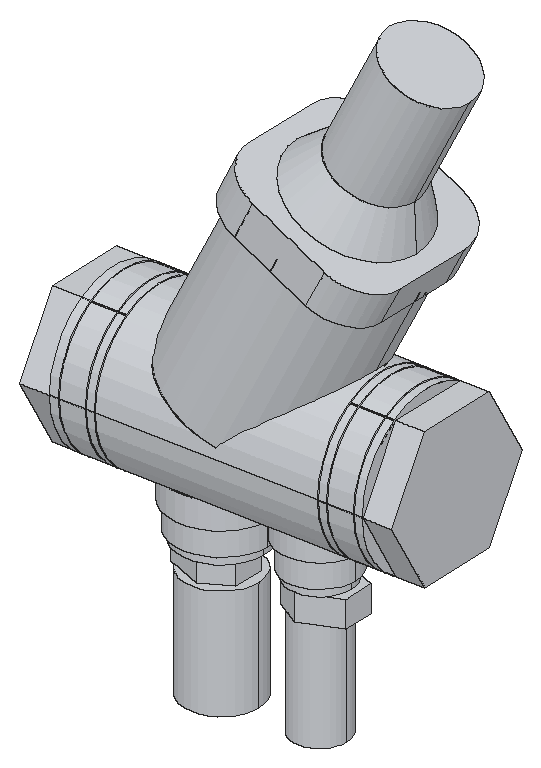
Revit family "Sigma_Compact_DN025_LF_RFA_2018", category Pipe Accessories, Revit 2018
Family settings
  Round Connector Dimension = Use Diameter
  Part Type = Valve - Breaks Into
  Work Plane-Based = No
  Always vertical = Yes
  Cut with Voids When Loaded = No
  Shared = No
Parameters (values of type "Sigma Compact DN 25 LF s měřením")
  magiProductId = "bcbd50229c6f49259ed1f55c66b3ed"
  magiProductFamilyId = "899bca4e67ce4698b7af5040674aaa"
  magiPartTypeId = 304
  isMeasuringValve [instance] = no
  ang2D [instance] = 0.00°
  Z6 = 27 mm
  Z5 = 63 mm
  Z4 = 54 mm
  Z3 = 9 mm
  Z2 = 45 mm
  XR2 = 25 mm
  XR1 = 13 mm
  W2D = 15 mm
  VersionID = "2.0/2018.12.13.2/FRESE_SIGMA_PLUG_Q13_001"
  Use Minimum Symbol Size [instance] = no
  URL = "www.hydronic.cz"
  Type Comments = "závitový; vnitřní závit; PN25; max dp=400kPa; -10~+120°C; max uzavírací tlak 1MPa"
  R4 = 15 mm
  R3 = 10 mm
  R2 = 18 mm
  R1 = 19 mm
  QmdConnectorList = "301;D;302;D"
  Productdata [instance] = ""
  NL__ve = -NL  # -16.6 mm
  NL = 16.6 mm
  Manufacturer = "Hydronic Systems Prague s.r.o."
  MC Use Limits From Balancing Method = no
  MC Throttling Minimum Value = 0
  MC Throttling Maximum Value = 0
  MC Product Code = "53-2208 DN25 FF s měřením; (95-2000 l/h); kvs=3,9"
  MC Pressure Drop Minimum Value = 0.0 Pa
  MC Pressure Drop Maximum Value = 0.0 Pa
  MC Piping Given Pressure Drop [instance] = 0.0 Pa
  M5 = 34.9 mm
  M4 = 32.9 mm
  M3 = 26.9 mm
  M2 = 24.9 mm
  LP = 41.5 mm
  LM = 49.8 mm
  LL__ve = -LL  # -5.9 mm
  LLT__ve = -LLT  # -16.3 mm
  LLT = 16.3 mm
  LLL = 9 mm
  LL3 = 41 mm
  LL2 = 34 mm
  LL = 5.9 mm
  L3 = 11 mm
  L2D_Min = 30.48 mm
  L2D = 65 mm
  Description = "Automatický vyvažovací ventil"
  DR1 = no
  DR0 = yes
  DL2 = 66 mm
  D = 25 mm
  CenSd_R2_6 = R2 * cos(30.00°)  # 15.588 mm
  CAT0 = yes
  C0D1 = no
  C0D0 = yes
Types (3, lengths in mm): name | magiProductId | Z6 | Z5 | Z4 | Z3 | Z2 | R2 | NL__ve | NL | MC Product Code | M5 | M4 | M3 | M2 | LP | LM | LL__ve | LLT__ve | LLT | LLL | LL2 | LL | D | CenSd_R2_6
  Sigma Compact DN 15 LF s měřením | "4a904ca02dcd4d4b8bc93e9b7121ab" | 26.1 | 60.9 | 52.2 | 8.7 | 43.5 | 14 | -15 | 15 | "53-2200 DN15 FF s měřením; (40-900 l/h); kvs=2,6" | 32.5 | 30.5 | 24.5 | 22.5 | 37.5 | 45 | -5.7 | -14.9 | 14.9 | 11 | 32 | 5.7 | 15 | 12.124
  Sigma Compact DN 20 LF s měřením | "530dd69e715c4b5ea08f3ea7c41338" | 26.1 | 60.9 | 52.2 | 8.7 | 43.5 | 14 | -15.8 | 15.8 | "53-2202 DN20 FF s měřením; (86-1550 l/h); kvs=4,0" | 33.7 | 31.7 | 25.7 | 23.7 | 39.5 | 47.4 | -5.7 | -14.9 | 14.9 | 11 | 32 | 5.7 | 20 | 12.124
  Sigma Compact DN 25 LF s měřením | "bcbd50229c6f49259ed1f55c66b3ed" | 27 | 63 | 54 | 9 | 45 | 18 | -16.6 | 16.6 | "53-2208 DN25 FF s měřením; (95-2000 l/h); kvs=3,9" | 34.9 | 32.9 | 26.9 | 24.9 | 41.5 | 49.8 | -5.9 | -16.3 | 16.3 | 9 | 34 | 5.9 | 25 | 15.588
Reference planes
  plane 1 "Center (Front/Back)": y = 0
  plane 2 "XYPLANE": z = 0
  plane 3 "Center (Left/Right)": x = 0
  plane 4 "408": x = 41.5
  plane 5 "407": x = -41.5
  plane 6 "404": z = -35.1
  plane 7 "403": z = -41
  plane 8 "402": z = -66
  plane 9 "213": x = -11
  plane 10 "168": z = -12.3
  plane 11 "167": z = -14.3
  plane 12 "166": z = -20.2
  plane 13 "165": z = -26.1
  plane 14 "164": z = -28.1
  plane 15 "154": z = 0
  plane 16 "152": y = 0
  plane 17 "151": z = -34
  plane 18 "150": x = 11
  plane 19 "75": through (318.218, 0, 679.605) normal (0.891, 0, -0.454)
  plane 20 "74": x = 34.9
  plane 21 "73": x = 32.9
  plane 22 "72": x = 26.9
  plane 23 "71": x = 24.9
  plane 24 "70": x = -34.9
  plane 25 "69": x = -32.9
  plane 26 "68": x = -26.9
  plane 27 "67": y = 0
  plane 28 "66": through (-666.893, 0, 343.166) normal (0.454, 0, 0.891)
  plane 29 "65": x = -24.9
  plane 30 "64": through (335.147, 0, 670.979) normal (0.891, 0, -0.454)
  plane 31 "63": through (-647.825, 0, 380.588) normal (0.454, 0, 0.891)
  plane 32 "62": through (352.076, 0, 662.353) normal (0.891, 0, -0.454)
  plane 33 "61": y = 19
  plane 34 "60": y = -19
  plane 35 "59": through (-643.739, 0, 388.607) normal (0.454, 0, 0.891)
  plane 36 "58": through (-639.653, 0, 396.626) normal (0.454, 0, 0.891)
  plane 37 "56": x = 0
  plane 38 "55": through (-668.255, 0, 340.493) normal (0.454, 0, 0.891)
  plane 39 "102XY": through (-668.255, 0, 340.493) normal (0.454, 0, 0.891)
  plane 40 "102XZ": y = 0
  plane 41 "102YZ": through (340.493, 0, 668.255) normal (0.891, 0, -0.454)
Forms (mm)
  Extrusion 1, solid
    sketch origin (41.5, -750, 0) x (0, 1, 0) y (0, 0, 1)
      loop
        line (768, 0) -> (759, 15.588) -> (741, 15.588) -> (732, 0) -> (741, -15.588) -> (759, -15.588) -> (768, 0)
    from 0 to -16.6 <- "NL__ve"
  Extrusion 2, solid
    sketch origin (-41.5, -750, 0) x (0, 1, 0) y (0, 0, 1)
      loop
        line (732, 0) -> (741, -15.588) -> (759, -15.588) -> (768, 0) -> (759, 15.588) -> (741, 15.588) -> (732, 0)
    from 0 to 16.6 <- "NL"
  Extrusion 3, solid, visible <- "C0D1"
    sketch origin (-750, 0, -66) x (1, 0, 0) y (0, 1, 0)
      loop
        circle (739, 0) r 9.4
    from 0 to 50
  Extrusion 4, solid, visible <- "DR1"
    sketch origin (-750, 0, -35.1) x (1, 0, 0) y (0, 1, 0)
      loop
        line (739, -8) -> (745.928, -4) -> (745.928, 4) -> (739, 8) -> (729.672, 4) -> (729.672, -4) -> (739, -8)
    from 0 to -5.9 <- "LL__ve"
  Extrusion 5, solid, visible <- "DR1"
    sketch origin (-750, 0, -35.1) x (1, 0, 0) y (0, 1, 0)
      loop
        circle (739, 0) r 10.4
    from 0 to 9 <- "LLL"
  Extrusion 6, solid, visible <- "DR1"
    sketch origin (-750, 0, -26.1) x (1, 0, 0) y (0, 1, 0)
      loop
        circle (739, 0) r 11.4
    from 0 to 5.9 <- "LL"
  Extrusion 7, solid, visible <- "DR1"
    sketch origin (-750, 0, -20.2) x (1, 0, 0) y (0, 1, 0)
      loop
        circle (739, 0) r 12.4
    from 0 to 5.9 <- "LL"
  Blend 8, solid, visible <- "DR1"
    base sketch origin (-750, 0, -12.3) x (1, 0, 0) y (0, 1, 0)
      loop
        circle (739, 0) r 9.9
    top sketch origin (-750, 0, -12.3) x (1, 0, 0) y (0, 1, 0)
      loop
        circle (739, 0) r 12.4
    from 0 to -2
  Extrusion 9, solid, visible <- "DR1"
    sketch origin (-750, 0, 0) x (1, 0, 0) y (0, 1, 0)
      loop
        circle (739, 0) r 9.9
    from 0 to -16.3 <- "LLT__ve"
  Extrusion 10, solid, visible <- "C0D0"
    sketch origin (-750, 0, -34) x (1, 0, 0) y (0, 1, 0)
      loop
        circle (739, 0) r 8.4
    from 0 to -25
  Extrusion 11, solid, visible <- "DR0"
    sketch origin (-750, 0, -28.1) x (1, 0, 0) y (0, 1, 0)
      loop
        line (739, -7) -> (745.062, -3.5) -> (745.062, 3.5) -> (739, 7) -> (730.538, 3.5) -> (730.538, -3.5) -> (739, -7)
    from 0 to -5.9 <- "LL__ve"
  Extrusion 12, solid, visible <- "DR0"
    sketch origin (-750, 0, -28.1) x (1, 0, 0) y (0, 1, 0)
      loop
        circle (739, 0) r 9.4
    from 0 to 2
  Extrusion 13, solid, visible <- "DR0"
    sketch origin (-750, 0, -20.2) x (1, 0, 0) y (0, 1, 0)
      loop
        circle (739, 0) r 11.4
    from 0 to 5.9 <- "LL"
  Blend 14, solid, visible <- "DR0"
    base sketch origin (-750, 0, -12.3) x (1, 0, 0) y (0, 1, 0)
      loop
        circle (739, 0) r 8.9
    top sketch origin (-750, 0, -12.3) x (1, 0, 0) y (0, 1, 0)
      loop
        circle (739, 0) r 11.4
    from 0 to -2
  Extrusion 15, solid, visible <- "DR0"
    sketch origin (-750, 0, 0) x (1, 0, 0) y (0, 1, 0)
      loop
        circle (739, 0) r 8.9
    from 0 to -16.3 <- "LLT__ve"
  Extrusion 16, solid, visible <- "DR0"
    sketch origin (-750, 0, 0) x (1, 0, 0) y (0, 1, 0)
      loop
        circle (739, 0) r 8.9
    from 0 to -16.3 <- "LLT__ve"
  Blend 17, solid, visible <- "DR0"
    base sketch origin (-750, 0, -12.3) x (1, 0, 0) y (0, 1, 0)
      loop
        circle (739, 0) r 8.9
    top sketch origin (-750, 0, -12.3) x (1, 0, 0) y (0, 1, 0)
      loop
        circle (739, 0) r 11.4
    from 0 to -2
  Extrusion 18, solid, visible <- "DR0"
    sketch origin (-750, 0, -20.2) x (1, 0, 0) y (0, 1, 0)
      loop
        circle (739, 0) r 11.4
    from 0 to 5.9 <- "LL"
  Extrusion 19, solid, visible <- "DR0"
    sketch origin (-750, 0, -26.1) x (1, 0, 0) y (0, 1, 0)
      loop
        circle (739, 0) r 10.4
    from 0 to 5.9 <- "LL"
  Extrusion 20, solid, visible <- "DR0"
    sketch origin (-750, 0, -28.1) x (1, 0, 0) y (0, 1, 0)
      loop
        circle (739, 0) r 9.4
    from 0 to 2
  Extrusion 21, solid, visible <- "DR0"
    sketch origin (-750, 0, -28.1) x (1, 0, 0) y (0, 1, 0)
      loop
        line (739, -7) -> (745.062, -3.5) -> (745.062, 3.5) -> (739, 7) -> (730.538, 3.5) -> (730.538, -3.5) -> (739, -7)
    from 0 to -5.9 <- "LL__ve"
  Extrusion 22, solid, visible <- "C0D0"
    sketch origin (-750, 0, -34) x (1, 0, 0) y (0, 1, 0)
      loop
        circle (739, 0) r 8.4
    from 0 to -25
  Extrusion 23, solid, visible <- "CAT0"
    sketch origin (-750, 0, -34) x (1, 0, 0) y (0, 1, 0)
      loop
        circle (761, 0) r 6
    from 0 to -25
  Extrusion 24, solid
    sketch origin (-750, 0, -28.1) x (1, 0, 0) y (0, 1, 0)
      loop
        line (761, -7) -> (769.462, -3.5) -> (769.462, 3.5) -> (761, 7) -> (754.938, 3.5) -> (754.938, -3.5) -> (761, -7)
    from 0 to -5.9 <- "LL__ve"
  Extrusion 25, solid
    sketch origin (-750, 0, -28.1) x (1, 0, 0) y (0, 1, 0)
      loop
        circle (761, 0) r 7
    from 0 to 2
  Extrusion 26, solid
    sketch origin (-750, 0, -26.1) x (1, 0, 0) y (0, 1, 0)
      loop
        circle (761, 0) r 8
    from 0 to 5.9 <- "LL"
  Extrusion 27, solid
    sketch origin (-750, 0, -20.2) x (1, 0, 0) y (0, 1, 0)
      loop
        circle (761, 0) r 9
    from 0 to 5.9 <- "LL"
  Blend 28, solid
    base sketch origin (-750, 0, -12.3) x (1, 0, 0) y (0, 1, 0)
      loop
        circle (761, 0) r 6.5
    top sketch origin (-750, 0, -12.3) x (1, 0, 0) y (0, 1, 0)
      loop
        circle (761, 0) r 9
    from 0 to -2
  Extrusion 29, solid
    sketch origin (-750, 0, 0) x (1, 0, 0) y (0, 1, 0)
      loop
        circle (761, 0) r 6.5
    from 0 to -16.3 <- "LLT__ve"
  Blend 30, solid, visible <- "CAT0"
    base sketch origin (32.9, -750, 0) x (0, 1, 0) y (0, 0, 1)
      loop
        circle (750, 0) r 18
    top sketch origin (32.9, -750, 0) x (0, 1, 0) y (0, 0, 1)
      loop
        circle (750, 0) r 18
    from 0 to 2
  Extrusion 31, solid, visible <- "CAT0"
    sketch origin (26.9, -750, 0) x (0, 1, 0) y (0, 0, 1)
      loop
        circle (750, 0) r 18
    from 0 to 6
  Blend 32, solid, visible <- "CAT0"
    base sketch origin (24.9, -750, 0) x (0, 1, 0) y (0, 0, 1)
      loop
        circle (750, 0) r 18
    top sketch origin (24.9, -750, 0) x (0, 1, 0) y (0, 0, 1)
      loop
        circle (750, 0) r 18
    from 0 to 2
  Blend 33, solid, visible <- "CAT0"
    base sketch origin (-32.9, -750, 0) x (0, 1, 0) y (0, 0, 1)
      loop
        circle (750, 0) r 18
    top sketch origin (-32.9, -750, 0) x (0, 1, 0) y (0, 0, 1)
      loop
        circle (750, 0) r 18
    from 0 to -2
  Extrusion 34, solid, visible <- "CAT0"
    sketch origin (-32.9, -750, 0) x (0, 1, 0) y (0, 0, 1)
      loop
        circle (750, 0) r 18
    from 0 to 6
  Blend 35, solid, visible <- "CAT0"
    base sketch origin (-26.9, -750, 0) x (0, 1, 0) y (0, 0, 1)
      loop
        circle (750, 0) r 18
    top sketch origin (-26.9, -750, 0) x (0, 1, 0) y (0, 0, 1)
      loop
        circle (750, 0) r 18
    from 0 to 2
  Extrusion 36, solid, visible <- "CAT0"
    sketch origin (-24.9, -750, 0) x (0, 1, 0) y (0, 0, 1)
      loop
        circle (750, 0) r 18
    from 0 to 49.8 <- "LM"
  Extrusion 37, solid, visible <- "CAT0"
    sketch origin (-666.893, 0, 343.166) x (0.891007, 0, -0.45399) y (0, 1, 0)
      loop
        circle (744, 0) r 19
    from 0 to 45 <- "Z2"
  Extrusion 38, solid, visible <- "CAT0"
    sketch origin (-647.825, 0, 380.588) x (0.891007, 0, -0.45399) y (0, 1, 0)
      loop
        arc (735, 19) -> (727.929, 16.071) -> (725, 9) r 10
        line (725, 9) -> (725, -9)
        arc (725, -9) -> (727.929, -16.071) -> (735, -19) r 10
        line (735, -19) -> (753, -19)
        arc (753, -19) -> (760.071, -16.071) -> (763, -9) r 10
        line (763, -9) -> (763, 9)
        arc (763, 9) -> (760.071, 16.071) -> (753, 19) r 10
        line (753, 19) -> (735, 19)
    from 0 to 9 <- "Z3"
  Blend 39, solid, visible <- "CAT0"
    base sketch origin (-643.739, 0, 388.607) x (0.891007, 0, -0.45399) y (0, 1, 0)
      loop
        circle (744, 0) r 15
    top sketch origin (-643.739, 0, 388.607) x (0.891007, 0, -0.45399) y (0, 1, 0)
      loop
        circle (744, 0) r 10
    from 0 to 9
  Extrusion 40, solid, visible <- "CAT0"
    sketch origin (-639.653, 0, 396.626) x (0.891007, 0, -0.45399) y (0, 1, 0)
      loop
        circle (744, 0) r 10
    from 0 to 27 <- "Z6"
  Blend 41, solid, visible <- "CAT0"
    base sketch origin (-668.255, 0, 340.493) x (0.891007, 0, -0.45399) y (0, 1, 0)
      loop
        circle (744, 0) r 15
    top sketch origin (-668.255, 0, 340.493) x (0.891007, 0, -0.45399) y (0, 1, 0)
      loop
        circle (744, 0) r 19
    from 0 to 3
  Extrusion 42, solid, not visible
    sketch origin (-34.9, -750, 0) x (0, 1, 0) y (0, 0, 1)
      loop
        circle (750, 0) r 10
    from 0 to 10
  Extrusion 43, solid, not visible
    sketch origin (34.9, -750, 0) x (0, 1, 0) y (0, 0, 1)
      loop
        circle (750, 0) r 10
    from 0 to -10
Lines and regions (mm)
  reference lines, not visible
    curve 1: circle (2, 2, 0) r 1 normal (0, 0, 1)
  reference lines
    curve 2: line (41.5, 0, 0) -> (41.5, -3.5, 6.062)
    curve 3: line (41.5, 0, 0) -> (41.5, -7, 0)
    curve 4: line (41.5, 0, 0) -> (41.5, -3.5, -6.062)
    curve 5: line (-41.5, 0, 0) -> (-41.5, 3.5, 6.062)
    curve 6: line (-41.5, 0, 0) -> (-41.5, 7, 0)
    curve 7: line (-41.5, 0, 0) -> (-41.5, 3.5, -6.062)
Dimensions and locks
  plane 1 "Center (Front/Back)" to curve 1 = 2 mm
  "LP": plane 37 "56" to plane 4 "408"
  "LP": plane 37 "56" to plane 5 "407"
  "LL": plane 7 "403" to plane 6 "404"
  "LL3": plane 2 "XYPLANE" to plane 7 "403"
  "DL2": plane 2 "XYPLANE" to plane 8 "402"
  "L3": plane 3 "Center (Left/Right)" to plane 9 "213"
  locked: plane 11 "167" to plane 10 "168" at 2
  "LL": plane 12 "166" to plane 11 "167"
  "LL": plane 13 "165" to plane 12 "166"
  locked: plane 14 "164" to plane 13 "165" at 2
  "LL": plane 17 "151" to plane 14 "164"
  locked: plane 2 "XYPLANE" to plane 15 "154"
  locked: plane 1 "Center (Front/Back)" to plane 16 "152"
  "LL2": plane 2 "XYPLANE" to plane 17 "151"
  "L3": plane 3 "Center (Left/Right)" to plane 18 "150"
  "XR2": plane 41 "102YZ" to plane 19 "75"
  "M5": plane 3 "Center (Left/Right)" to plane 20 "74"
  "M4": plane 3 "Center (Left/Right)" to plane 21 "73"
  "M3": plane 3 "Center (Left/Right)" to plane 22 "72"
  "M2": plane 3 "Center (Left/Right)" to plane 23 "71"
  "M5": plane 3 "Center (Left/Right)" to plane 24 "70"
  "M4": plane 3 "Center (Left/Right)" to plane 25 "69"
  "M3": plane 3 "Center (Left/Right)" to plane 26 "68"
  locked: plane 16 "152" to plane 27 "67"
  locked: plane 39 "102XY" to plane 28 "66" at 3
  "M2": plane 3 "Center (Left/Right)" to plane 29 "65"
  locked: plane 41 "102YZ" to plane 30 "64" at 6
  "Z2": plane 39 "102XY" to plane 31 "63"
  "XR1": plane 41 "102YZ" to plane 32 "62"
  "R1": plane 16 "152" to plane 33 "61"
  "R1": plane 16 "152" to plane 34 "60"
  "Z4": plane 39 "102XY" to plane 35 "59"
  "Z5": plane 39 "102XY" to plane 36 "58"
  locked: plane 3 "Center (Left/Right)" to plane 37 "56"
  locked: plane 39 "102XY" to plane 38 "55"
  "CenSd_R2_6": curve 2 to Extrusion 1 sketch curve  (x2)
  "CenSd_R2_6": curve 3 to Extrusion 1 sketch curve  (x2)
  "CenSd_R2_6": curve 4 to Extrusion 1 sketch curve  (x2)
  Extrusion 1 sketch curve to Extrusion 1 sketch curve = 0 mm  (x12)
  "CenSd_R2_6": curve 5 to Extrusion 2 sketch curve  (x2)
  "CenSd_R2_6": curve 6 to Extrusion 2 sketch curve  (x2)
  "CenSd_R2_6": curve 7 to Extrusion 2 sketch curve  (x2)
  Extrusion 2 sketch curve to Extrusion 2 sketch curve = 0 mm  (x12)
  Extrusion 4 sketch curve to Extrusion 4 sketch curve = 0 mm  (x12)
  Extrusion 11 sketch curve to Extrusion 11 sketch curve = 0 mm  (x12)
  Extrusion 21 sketch curve to Extrusion 21 sketch curve = 0 mm  (x12)
  Extrusion 24 sketch curve to Extrusion 24 sketch curve = 0 mm  (x12)
  Extrusion 38 sketch curve to Extrusion 38 sketch curve = 0 mm  (x16)
  "R2": radius of Blend 30 sketch curve  (x2)
  "R2": radius of Extrusion 31 sketch curve
  "R2": radius of Blend 32 sketch curve  (x2)
  "R2": radius of Blend 33 sketch curve  (x2)
  "R2": radius of Extrusion 34 sketch curve
  "R2": radius of Blend 35 sketch curve  (x2)
  "R2": radius of Extrusion 36 sketch curve
  "R1": radius of Extrusion 37 sketch curve
  radius of Extrusion 38 sketch curve = 10 mm  (x4)
  "R3": radius of Blend 39 sketch curve
  "R4": radius of Blend 39 sketch curve
  "R3": radius of Extrusion 40 sketch curve
  "R1": radius of Blend 41 sketch curve
  locked: curve 3 to curve 2 (angle 60.00°)
  locked: curve 4 to curve 3 (angle 60.00°)
  locked: curve 4 to curve 2 (angle 120.00°)
  locked: curve 6 to curve 5 (angle 60.00°)
  locked: curve 7 to curve 6 (angle 60.00°)
  locked: curve 7 to curve 5 (angle 120.00°)
  aligned and locked: level to plane 2 "XYPLANE"
  aligned and locked: plane 15 "154" to curve 4
  aligned and locked: curve 4 to plane 16 "152"
  aligned and locked: plane 15 "154" to curve 7
  aligned and locked: curve 7 to plane 16 "152"
  aligned and locked: plane 9 "213" to Extrusion 3 sketch curve
  aligned and locked: plane 16 "152" to Extrusion 3 sketch curve
  aligned and locked: plane 9 "213" to Extrusion 5 sketch curve
  aligned and locked: plane 16 "152" to Extrusion 5 sketch curve
  aligned and locked: plane 9 "213" to Extrusion 6 sketch curve
  aligned and locked: plane 16 "152" to Extrusion 6 sketch curve
  aligned and locked: plane 9 "213" to Extrusion 7 sketch curve
  aligned and locked: plane 16 "152" to Extrusion 7 sketch curve
  aligned and locked: plane 9 "213" to Blend 8 sketch curve  (x2)
  aligned and locked: plane 16 "152" to Blend 8 sketch curve  (x2)
  aligned and locked: Blend 8 to plane 11 "167"
  aligned and locked: plane 9 "213" to Extrusion 9 sketch curve
  aligned and locked: plane 16 "152" to Extrusion 9 sketch curve
  aligned and locked: plane 9 "213" to Extrusion 10 sketch curve
  aligned and locked: plane 16 "152" to Extrusion 10 sketch curve
  aligned and locked: plane 9 "213" to Extrusion 12 sketch curve
  aligned and locked: plane 16 "152" to Extrusion 12 sketch curve
  aligned and locked: plane 9 "213" to Extrusion 13 sketch curve
  aligned and locked: plane 16 "152" to Extrusion 13 sketch curve
  aligned and locked: plane 9 "213" to Blend 14 sketch curve  (x2)
  aligned and locked: plane 16 "152" to Blend 14 sketch curve  (x2)
  aligned and locked: Blend 14 to plane 11 "167"
  aligned and locked: plane 9 "213" to Extrusion 15 sketch curve
  aligned and locked: plane 16 "152" to Extrusion 15 sketch curve
  aligned and locked: plane 9 "213" to Extrusion 16 sketch curve
  aligned and locked: plane 16 "152" to Extrusion 16 sketch curve
  aligned and locked: plane 9 "213" to Blend 17 sketch curve  (x2)
  aligned and locked: plane 16 "152" to Blend 17 sketch curve  (x2)
  aligned and locked: Blend 17 to plane 11 "167"
  aligned and locked: plane 9 "213" to Extrusion 18 sketch curve
  aligned and locked: plane 16 "152" to Extrusion 18 sketch curve
  aligned and locked: plane 9 "213" to Extrusion 19 sketch curve
  aligned and locked: plane 16 "152" to Extrusion 19 sketch curve
  aligned and locked: plane 9 "213" to Extrusion 20 sketch curve
  aligned and locked: plane 16 "152" to Extrusion 20 sketch curve
  aligned and locked: plane 9 "213" to Extrusion 22 sketch curve
  aligned and locked: plane 16 "152" to Extrusion 22 sketch curve
  aligned and locked: plane 16 "152" to Extrusion 23 sketch curve
  aligned and locked: plane 18 "150" to Extrusion 23 sketch curve
  aligned and locked: plane 16 "152" to Extrusion 25 sketch curve
  aligned and locked: plane 18 "150" to Extrusion 25 sketch curve
  aligned and locked: plane 16 "152" to Extrusion 26 sketch curve
  aligned and locked: plane 18 "150" to Extrusion 26 sketch curve
  aligned and locked: plane 16 "152" to Extrusion 27 sketch curve
  aligned and locked: plane 18 "150" to Extrusion 27 sketch curve
  aligned and locked: plane 16 "152" to Blend 28 sketch curve  (x2)
  aligned and locked: plane 18 "150" to Blend 28 sketch curve  (x2)
  aligned and locked: Blend 28 to plane 11 "167"
  aligned and locked: plane 16 "152" to Extrusion 29 sketch curve
  aligned and locked: plane 18 "150" to Extrusion 29 sketch curve
  aligned and locked: plane 15 "154" to Blend 30 sketch curve  (x2)
  aligned and locked: Blend 30 sketch curve to plane 16 "152"  (x2)
  aligned and locked: plane 20 "74" to Blend 30
  aligned and locked: plane 15 "154" to Extrusion 31 sketch curve
  aligned and locked: Extrusion 31 sketch curve to plane 16 "152"
  aligned and locked: plane 15 "154" to Blend 32 sketch curve  (x2)
  aligned and locked: Blend 32 sketch curve to plane 16 "152"  (x2)
  aligned and locked: plane 22 "72" to Blend 32
  aligned and locked: plane 15 "154" to Blend 33 sketch curve  (x2)
  aligned and locked: Blend 33 sketch curve to plane 16 "152"  (x2)
  aligned and locked: Blend 33 to plane 24 "70"
  aligned and locked: plane 15 "154" to Extrusion 34 sketch curve
  aligned and locked: Extrusion 34 sketch curve to plane 16 "152"
  aligned and locked: plane 15 "154" to Blend 35 sketch curve  (x2)
  aligned and locked: Blend 35 sketch curve to plane 16 "152"  (x2)
  aligned and locked: plane 29 "65" to Blend 35
  aligned and locked: plane 15 "154" to Extrusion 36 sketch curve
  aligned and locked: Extrusion 36 sketch curve to plane 16 "152"
  aligned and locked: plane 27 "67" to Extrusion 37 sketch curve
  aligned and locked: Extrusion 37 sketch curve to plane 30 "64"
  aligned and locked: Extrusion 38 sketch curve to plane 19 "75"
  aligned and locked: Extrusion 38 sketch curve to plane 34 "60"
  aligned and locked: Extrusion 38 sketch curve to plane 32 "62"
  aligned and locked: plane 33 "61" to Extrusion 38 sketch curve
  aligned and locked: plane 27 "67" to Blend 39 sketch curve  (x2)
  aligned and locked: Blend 39 sketch curve to plane 30 "64"  (x2)
  aligned and locked: plane 36 "58" to Blend 39
  aligned and locked: plane 27 "67" to Extrusion 40 sketch curve
  aligned and locked: Extrusion 40 sketch curve to plane 30 "64"
  aligned and locked: plane 27 "67" to Blend 41 sketch curve  (x2)
  aligned and locked: Blend 41 sketch curve to plane 30 "64"  (x2)
  aligned and locked: plane 28 "66" to Blend 41
  aligned and locked: plane 15 "154" to Extrusion 42 sketch curve
  aligned and locked: Extrusion 42 sketch curve to plane 16 "152"
  aligned and locked: plane 15 "154" to Extrusion 43 sketch curve
  aligned and locked: Extrusion 43 sketch curve to plane 16 "152"
Automatic sketch dimensions
  plane 29 "65" to Extrusion 3 sketch curve = 4.5 mm
  Extrusion 4 sketch curve to plane 9 "213" = 0 mm  (x2)
  plane 29 "65" to Extrusion 4 sketch curve = 4.572 mm
  Extrusion 4 sketch curve to plane 3 "Center (Left/Right)" = 4.072 mm
  plane 1 "Center (Front/Back)" to Extrusion 4 sketch curve = 8 mm
  plane 1 "Center (Front/Back)" to Extrusion 4 sketch curve = 4 mm  (x2)
  Extrusion 4 sketch curve to plane 1 "Center (Front/Back)" = 4 mm  (x2)
  Extrusion 4 sketch curve to Extrusion 4 sketch curve = 4 mm
  plane 29 "65" to Extrusion 5 sketch curve = 3.5 mm
  plane 29 "65" to Extrusion 6 sketch curve = 2.5 mm
  plane 29 "65" to Extrusion 7 sketch curve = 1.5 mm
  plane 29 "65" to Blend 8 sketch curve = 4 mm
  plane 29 "65" to Blend 8 sketch curve = 1.5 mm
  plane 29 "65" to Extrusion 9 sketch curve = 4 mm
  plane 29 "65" to Extrusion 10 sketch curve = 5.5 mm
  Extrusion 11 sketch curve to plane 9 "213" = 0 mm  (x2)
  plane 29 "65" to Extrusion 11 sketch curve = 5.438 mm
  Extrusion 11 sketch curve to plane 3 "Center (Left/Right)" = 4.938 mm
  plane 1 "Center (Front/Back)" to Extrusion 11 sketch curve = 7 mm
  plane 1 "Center (Front/Back)" to Extrusion 11 sketch curve = 3.5 mm  (x2)
  Extrusion 11 sketch curve to plane 1 "Center (Front/Back)" = 3.5 mm  (x2)
  Extrusion 11 sketch curve to Extrusion 11 sketch curve = 3.5 mm
  plane 29 "65" to Extrusion 12 sketch curve = 4.5 mm
  plane 29 "65" to Extrusion 13 sketch curve = 2.5 mm
  plane 29 "65" to Blend 14 sketch curve = 5 mm
  plane 29 "65" to Blend 14 sketch curve = 2.5 mm
  plane 29 "65" to Extrusion 15 sketch curve = 5 mm
  plane 29 "65" to Extrusion 16 sketch curve = 5 mm
  plane 29 "65" to Blend 17 sketch curve = 5 mm
  plane 29 "65" to Blend 17 sketch curve = 2.5 mm
  plane 29 "65" to Extrusion 18 sketch curve = 2.5 mm
  plane 29 "65" to Extrusion 19 sketch curve = 3.5 mm
  plane 29 "65" to Extrusion 20 sketch curve = 4.5 mm
  Extrusion 21 sketch curve to plane 9 "213" = 0 mm  (x2)
  plane 29 "65" to Extrusion 21 sketch curve = 5.438 mm
  Extrusion 21 sketch curve to plane 3 "Center (Left/Right)" = 4.938 mm
  plane 1 "Center (Front/Back)" to Extrusion 21 sketch curve = 7 mm
  plane 1 "Center (Front/Back)" to Extrusion 21 sketch curve = 3.5 mm  (x2)
  Extrusion 21 sketch curve to plane 1 "Center (Front/Back)" = 3.5 mm  (x2)
  Extrusion 21 sketch curve to Extrusion 21 sketch curve = 3.5 mm
  plane 29 "65" to Extrusion 22 sketch curve = 5.5 mm
  plane 3 "Center (Left/Right)" to Extrusion 23 sketch curve = 5 mm
  Extrusion 24 sketch curve to plane 18 "150" = 0 mm  (x2)
  plane 3 "Center (Left/Right)" to Extrusion 24 sketch curve = 4.938 mm
  Extrusion 24 sketch curve to plane 23 "71" = 5.438 mm
  plane 1 "Center (Front/Back)" to Extrusion 24 sketch curve = 7 mm
  plane 1 "Center (Front/Back)" to Extrusion 24 sketch curve = 3.5 mm  (x2)
  Extrusion 24 sketch curve to plane 1 "Center (Front/Back)" = 3.5 mm  (x2)
  Extrusion 24 sketch curve to Extrusion 24 sketch curve = 3.5 mm
  plane 3 "Center (Left/Right)" to Extrusion 25 sketch curve = 4 mm
  plane 3 "Center (Left/Right)" to Extrusion 26 sketch curve = 3 mm
  plane 3 "Center (Left/Right)" to Extrusion 27 sketch curve = 2 mm
  plane 3 "Center (Left/Right)" to Blend 28 sketch curve = 4.5 mm
  plane 3 "Center (Left/Right)" to Blend 28 sketch curve = 2 mm
  plane 3 "Center (Left/Right)" to Extrusion 29 sketch curve = 4.5 mm
  plane 19 "75" to Blend 41 sketch curve = 4 mm
  plane 34 "60" to Extrusion 42 sketch curve = 9 mm
  plane 34 "60" to Extrusion 43 sketch curve = 9 mm
  plane 3 "Center (Left/Right)" to curve 1 = 2 mm
  radius of curve 1 = 1 mm
Connectors
  piping at (-34.9, 0, 0), diameter 25, driven by "D"
    settings: on Extrusion 42, index 1, connector inside diameter 609.6 mm, connector length 0 mm, flow factor 0, pipe flow 0.0 L/s, pressure drop 0.0 Pa, fitting loss kfactor 0, connector angle 0.00°, fixture units 0, engagement length 0 mm, angle of deflection 0.00°, flow configuration 0, flow direction 0, fitting loss method 0, system type 29, joint type 0, gender type 0, connector reference index 2, connector utility 0, adjustable connector no, is connector primary yes, connector description ""
  piping at (34.9, 0, 0), diameter 25, driven by "D"
    settings: on Extrusion 43, index 2, connector inside diameter 609.6 mm, connector length 0 mm, flow factor 0, pipe flow 0.0 L/s, pressure drop 0.0 Pa, fitting loss kfactor 0, connector angle 0.00°, fixture units 0, engagement length 0 mm, angle of deflection 0.00°, flow configuration 0, flow direction 0, fitting loss method 0, system type 29, joint type 0, gender type 0, connector reference index 1, connector utility 0, adjustable connector no, is connector primary no, connector description ""
